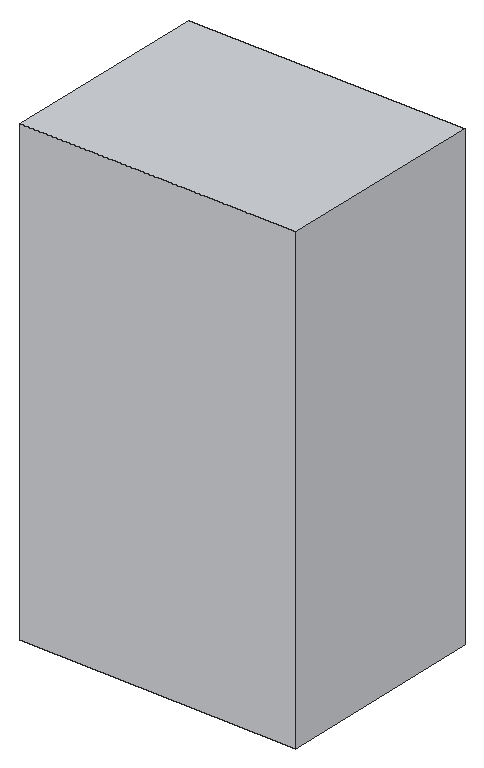
Revit family
Parameters
  Warranty Duration (Years) = 0
  URL = "http://www.americanspecialties.com/viewCategories.cfm"
  Test Data = ""
  Specification = "http://www.arcat.com/sdspecs/htm/10810asi.htm"
  SpecWizard = ""
  Trim Material = Metal - Stainless Steel
  Send Message = "http://www.arcat.com/users.pl?action=UserEmail&company=American%20Specialties,%20Inc.&coid=30448&rep=139&fax=914-476-0688&mf="
  Sales Information = "http://www.americanspecialties.com/contact"
  Revision = "R1_10-2010"
  Product Properties = "http://www.americanspecialties.com/datasheets/0698.pdf"
  Product Data = "http://www.arcat.com/arcatcos/cos30/arc30448.html"
  Model = "As Specified in 10 28 13"
  Manufacturer Website = "http://www.americanspecialties.com/viewCategories.cfm"
  Manufacturer Phone - Toll Free = ""
  Manufacturer Phone = "914-476-9000 "
  Manufacturer Fax = "914-476-0688"
  Manufacturer Address = "441 Saw Mill River Rd., Yonkers, NY 10701"
  Manufacturer = "American Specialties, Inc."
  Maintenance Schedule (Months) = 0
  Keynote = "10 28 13"
  Installation-Fabrication = "http://www.americanspecialties.com/products.cfm"
  Green Building-LEED = ""
  Expected Lifespan (Years) = 0
  Drawn By = "Robert S. Weygant. CSI, CDT, SCIP"  # constant formula
  Description = "Toilet Accessory as Specified in 10 28 13"
  Default Elevation = 4' - 0"
  Copyright = "©Arcat Inc."
  Construction Details = "http://www.arcat.com/green/clients/leed_data_30448.html"
  Building Codes = "http://www.americanspecialties.com/products.cfm"
  Body Material = Metal - Stainless Steel
  Assembly Code = "C1030210"
Reference planes (in)
  plane 1 "Center (Front/Back)": y = -0.29112
  plane 2 "Floor Line": z = 0
  plane 3 "Center (Left/Right)": x = -0.65843
  plane 4: x = -3.56468
  plane 5: x = 2.24782
  plane 6: z = 0
  plane 7: y = -0.41612
  plane 8: z = 0.0625
  plane 9: y = -2.41612
  plane 10: z = -14.625
  plane 11: z = 14.625
  plane 12: x = 2.18532
  plane 13: x = -3.50218
  plane 14: x = 2.12282
  plane 15: x = -3.43968
  plane 16: z = 0.1875
  plane 17: x = -3.37718
  plane 18: x = 2.06032
Forms (in)
  Extrusion 1, solid
    sketch origin (-3, -9, -6) x (0, 0, -1) y (1, 0, 0)
      loop
        line (-82, 26) -> (-82, -19.34712) -> (-6, -19.34712) -> (-6, 26) -> (-82, 26)
    from 9 to -25.60721
  Extrusion 2, solid, material "Metal - Stainless Steel" <- "Body Material"
    sketch origin (-0.65843, -0.29112, 2.48171) x (0, 0, -1) y (0, 1, 0)
      loop
        line (2.29421, 0) -> (-11.14329, 0) -> (-11.14329, -0.46875) -> (2.29421, -1.96437) -> (2.29421, 0)
    from -2.78125 to -2.71875
  Extrusion 3, solid, material "Metal - Stainless Steel" <- "Body Material"
    sketch origin (-4.75218, -1.14473, 0) x (0, -1, 0) y (0, 0, -1)
      loop
        line (-0.85362, 0) -> (-0.85362, -1.68851)
        arc (-0.85362, -1.68851) -> (-0.76209, -1.90948) -> (-0.54112, -2.00101) r 0.3125
        line (-0.54112, -2.00101) -> (0.13111, -2.00101)
        arc (0.13111, -2.00101) -> (0.73021, -1.78492) -> (1.05342, -1.23615) r 0.93851
        line (1.05342, -1.23615) -> (1.27138, 0) -> (-0.85362, 0)
    from 6.9375 to 7
  Extrusion 4, solid, material "Metal - Stainless Steel" <- "Body Material"
    sketch origin (-0.65843, -1.14473, 0) x (0, -1, 0) y (0, 0, -1)
      loop
        line (-0.85362, 0) -> (-0.85362, -0.0625) -> (1.26036, -0.0625) -> (1.27138, 0) -> (-0.85362, 0)
    from 2.84375 to -2.84375
  Extrusion 5, solid, material "Metal - Stainless Steel" <- "Body Material"
    sketch origin (3.43532, -1.14473, 0) x (0, -1, 0) y (0, 0, 1)
      loop
        line (-0.85362, 0) -> (1.27138, 0) -> (1.05342, 1.23615)
        arc (1.05342, 1.23615) -> (0.73021, 1.78492) -> (0.13111, 2.00101) r 0.93851
        line (0.13111, 2.00101) -> (-0.54112, 2.00101)
        arc (-0.54112, 2.00101) -> (-0.76209, 1.90948) -> (-0.85362, 1.68851) r 0.3125
        line (-0.85362, 1.68851) -> (-0.85362, 0)
    from 6.9375 to 7
  Extrusion 6, solid, material "Metal - Stainless Steel" <- "Body Material"
    sketch origin (-0.65843, -0.29112, 2.48171) x (0, 0, -1) y (0, -1, 0)
      loop
        line (2.29421, 0) -> (2.29421, 1.96437) -> (-11.14329, 0.46875) -> (-11.14329, 0) -> (2.29421, 0)
    from -2.78125 to -2.71875
  Extrusion 7, solid, material "Metal - Stainless Steel" <- "Body Material"
    sketch origin (0, -0.29112, 0) x (1, 0, 0) y (0, 0, 1)
      loop
        line (-3.43968, 0.1875) -> (2.12282, 0.1875) -> (2.12282, 13.625)
        arc (2.12282, 13.625) -> (1.82992, 14.33211) -> (1.12282, 14.625) r 1
        line (1.12282, 14.625) -> (-2.43968, 14.625)
        arc (-2.43968, 14.625) -> (-3.14679, 14.33211) -> (-3.43968, 13.625) r 1
        line (-3.43968, 13.625) -> (-3.43968, 0.1875)
    from 0 to 0.125
  Extrusion 8, solid, material "Metal - Stainless Steel" <- "Body Material"
    sketch origin (0, -0.29112, 0) x (1, 0, 0) y (0, 0, 1)
      loop
        arc (-2.43968, 14.625) -> (-3.14679, 14.33211) -> (-3.43968, 13.625) r 1
        line (-3.43968, 13.625) -> (-3.37718, 13.625)
        arc (-3.37718, 13.625) -> (-3.1026, 14.28791) -> (-2.43968, 14.5625) r 0.9375
        line (-2.43968, 14.5625) -> (1.12282, 14.5625)
        arc (1.12282, 14.5625) -> (1.78573, 14.28791) -> (2.06032, 13.625) r 0.9375
        line (2.06032, 13.625) -> (2.12282, 13.625)
        arc (2.12282, 13.625) -> (1.82992, 14.33211) -> (1.12282, 14.625) r 1
        line (1.12282, 14.625) -> (-2.43968, 14.625)
    from 0 to 0.46875
  Extrusion 9, void
    sketch origin (0, -0.29112, 0) x (1, 0, 0) y (0, 0, 1)
      loop
        line (1.12282, 14.375) -> (-2.43968, 14.375)
        arc (-2.43968, 14.375) -> (-2.97001, 14.15533) -> (-3.18968, 13.625) r 0.75
        line (-3.18968, 13.625) -> (-3.18968, 2.6875)
        arc (-3.18968, 2.6875) -> (-2.97001, 2.15717) -> (-2.43968, 1.9375) r 0.75
        line (-2.43968, 1.9375) -> (1.12282, 1.9375)
        arc (1.12282, 1.9375) -> (1.65315, 2.15717) -> (1.87282, 2.6875) r 0.75
        line (1.87282, 2.6875) -> (1.87282, 13.625)
        arc (1.87282, 13.625) -> (1.65315, 14.15533) -> (1.12282, 14.375) r 0.75
    from 0 to 0.05809
  Extrusion 10, solid, material "Metal - Stainless Steel" <- "Body Material"
    sketch origin (-0.65843, 0, 0) x (0, 1, 0) y (0, 0, 1)
      loop
        circle (-0.79307, 0.52244) r 0.125
    from -2.90625 to -2.71875
  Extrusion 11, solid, material "Metal - Stainless Steel" <- "Body Material"
    sketch origin (-0.65843, 0, 0) x (0, 1, 0) y (0, 0, -1)
      loop
        circle (-0.79307, -0.52244) r 0.125
    from -2.90625 to -2.71875
Cuts and joins
  Extrusion 9 cuts Extrusion 2
  Extrusion 9 cuts Extrusion 6
  Extrusion 9 cuts Extrusion 7
  Extrusion 9 cuts Extrusion 8
  joined: Extrusion 2, Extrusion 6, Extrusion 7, Extrusion 8
  joined: Extrusion 3, Extrusion 4, Extrusion 5
Dimensions and locks (in)
  aligned and locked: plane 12 to Extrusion 3
  aligned and locked: Extrusion 3 to plane 5
  aligned and locked: Extrusion 5 to plane 4
  aligned and locked: plane 13 to Extrusion 5
  aligned and locked: Extrusion 2 to plane 15
  aligned and locked: Extrusion 4 to plane 13
  aligned and locked: Extrusion 4 to plane 12
  aligned and locked: plane 15 to Extrusion 2
  aligned and locked: plane 17 to Extrusion 2
  aligned and locked: Extrusion 7 to plane 1 "Center (Front/Back)"
  aligned and locked: plane 7 to Extrusion 7
  aligned and locked: Extrusion 8 sketch curve to Extrusion 7
  aligned and locked: Extrusion 10 to plane 4
  aligned and locked: plane 17 to Extrusion 10
  aligned and locked: Extrusion 11 to plane 5
  aligned and locked: plane 18 to Extrusion 11
